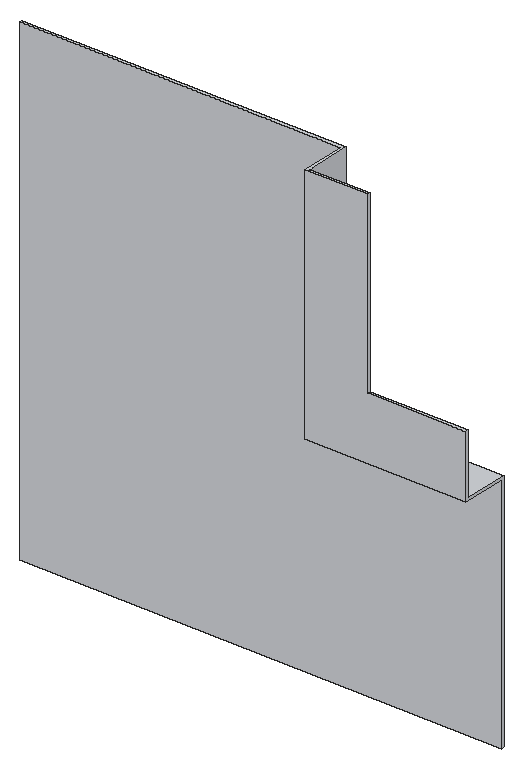
Revit family "Flashing_Preformed_Hyload_WindowCorner", category Generic Models, Revit 2016
Family settings
  Part Type = Normal
  Can host rebar = No
  Round Connector Dimension = Use Diameter
  OmniClass Number = 23.20.30.24.11
  OmniClass Title = Embedded Flashing
  Work Plane-Based = No
  Always vertical = Yes
  Cut with Voids When Loaded = No
  Shared = No
  Room Calculation Point = No
Parameters (values of type "As Specified")
  Unit Width = 0' - 7 1/8"
  Unit Height = 0' - 6"
  Unit Depth = 0' - 6"
  URL = "http://www.hyload.com/"
  Thickness = 0' - 0 1/16"
  Specification = "http://www.arcat.com/sdspecs/htm04/07_65_00hyl.htm"
  Sales Information = "http://www.hyload.com/contact-us"
  Revision = "R1_12-2015"
  Product Properties = "http://www.hyload.com/masonry-flashing/preformed-shapes/"
  Product Data = "http://www.arcat.com/arcatcos/cos33/arc33176.html"
  Model = "Window Corner"
  Manufacturer Website = "http://www.hyload.com/"
  Manufacturer Phone - Toll Free = "800-457-4056"
  Manufacturer Phone = "330-769-3546"
  Manufacturer Fax = "330-769-4153"
  Manufacturer Address = "5020 Panther Pkwy., Seville, OH 44273"
  Manufacturer = "Hyload"
  Keynote = "07 65 00"
  Flashing Material = Hyload Flashing Membrane - Grey
  Drawn By = "Robert S. Weygant / Sumex Design"
  Description = "Preformed Hyload Masonry Flashing - Window Corner"
  Copyright = "(c) ARCAT, Inc, 2015"
  Construction Details = "http://www.arcat.com/details/hyload/hyload.html?coid=33176"
  Assembly Code = "B3010400"
Reference planes (in)
  plane 1 "Center (Front/Back)": y = 0
  plane 2: z = 0
  plane 3 "Center (Left/Right)": x = 0
  plane 4: x = 4
  plane 5: z = 6
  plane 6: y = -1.125
  plane 7: z = 12
  plane 8: x = -8
Forms (in)
  Sweep 1, solid
    path origin (0, 0, 0) x (1, 0, 0) y (0, 0, 1)
      loop
        line (4, 6) -> (0, 6) -> (0, 12)
    profile origin (2, 0, 6) x (0, 0, -1) y (0, -1, 0)
      loop
        line (0, 0) -> (0, 1.125) -> (-1.5625, 1.125) -> (-1.5625, 1.0625) -> (-0.0625, 1.0625) -> (-0.0625, -0.0625) -> (6, -0.0625) -> (6, 0) -> (0, 0)
  Extrusion 2, solid
    sketch origin (0, 0, 0) x (1, 0, 0) y (0, 0, 1)
      loop
        line (-8, 12) -> (-8, 0) -> (-6, 0) -> (-6, 12) -> (-8, 12)
    from -0.0625 to 0
Cuts and joins
  joined: Sweep 1, Extrusion 2
Dimensions and locks (in)
  "Unit Height": plane 5 to level
  plane 1 "Center (Front/Back)" to plane 6 = 0' - 1 1/8"
  plane 7 to level = 1' - 0"
  plane 4 to plane 3 "Center (Left/Right)" = 0' - 4"
  plane 4 to plane 8 = 1' - 0"
  aligned and locked: plane 2 to level
  aligned and locked: plane 3 "Center (Left/Right)" to Sweep 1 sketch curve
  aligned and locked: plane 5 to Sweep 1 sketch curve  (x2)
  aligned and locked: Sweep 1 sketch curve to plane 6
  aligned and locked: Sweep 1 sketch curve to level
  aligned and locked: plane 7 to Sweep 1 sketch curve
  aligned and locked: Extrusion 2 sketch curve to plane 7
  aligned and locked: plane 8 to Extrusion 2 sketch curve
  aligned and locked: Sweep 1 to Extrusion 2 sketch curve
  aligned and locked: Extrusion 2 sketch curve to Sweep 1
  aligned and locked: Sweep 1 to Extrusion 2
  aligned and locked: plane 1 "Center (Front/Back)" to Extrusion 2
Automatic sketch dimensions
  profile plane to Sweep 1 sketch curve = 0' - 1 9/16"
  profile plane to Sweep 1 sketch curve = 0' - 0 1/16"
  Sweep 1 sketch curve to Sweep 1 sketch curve = 0' - 0 1/16"  (x2)
  Sweep 1 sketch curve to plane 1 "Center (Front/Back)" = 0' - 0"
  Sweep 1 sketch curve to plane 4 = 0' - 0"
